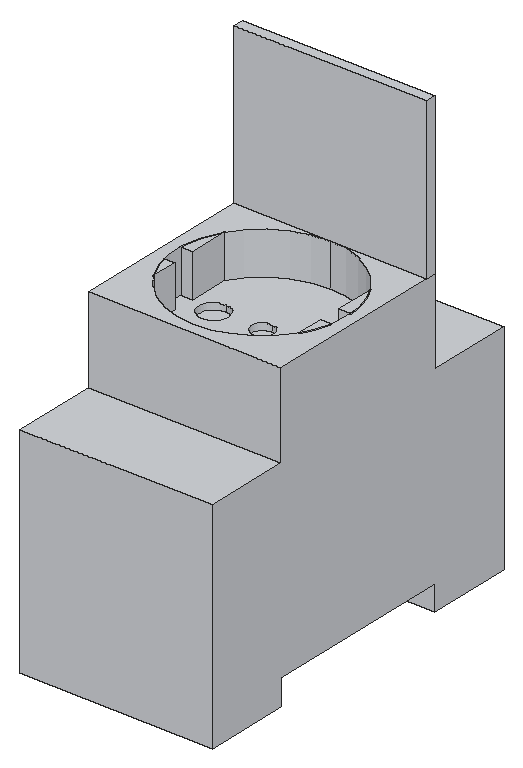
Revit family "Power-ModularDevices-GEWISS-90AM-SOCKET_OUTLET_DIN_DEU_LID", category Apparecchi elettrici, host Superficie, Revit 2016
Family settings
  Host = Superficie
  Mantenere orientamento annotazione = Sì
  Tipo di parte = Normale
  Quota connettore circolare = Usa diametro
  Numero OmniClass = 23.80.50.11
  Titolo OmniClass = Switches and Receptacles
  Taglio con vuoti quando caricato = No
  Condiviso = No
  Punto di calcolo locali = Sì
Parameters (values of type "GW96523 - DIN RAIL SOCKET GER.STD+CO.2P+E 16A 2,5M")
  Version file RFA = "18.0"
  URL = "https://www.gewiss.com/ww/en"
  Technical sheet = "https://www.gewiss.com/ww/en/search?q=GW96523"
  Standard = "German, with lid"
  SIMBOLO IN PIANTA [instance] = yes
  Realized by GEWISS S.p.A. = ""
  Rated voltage = "250Vac"
  Rated current (In) = "16 A"
  Default Elevation = 1219.2 mm
  Produttore = "GEWISS S.p.A."
  Number of poles = "2P+E"
  No. Chorus modules = "2,5"
  Modello = "GW96523"
  L_VERTICALE [instance] = 97.365 mm
  Installation = "DIN rail"
  Immagine tipo = GW96523.jpg
  IFC.TypeObject = ""
  IFC.ExportType = ""
  IFC.ExportAs = ""
  IDT = "c897d29f-2908-4da3-880b-ddc84cde08f7"
  IDF = "9b18cb3a-ec3c-40a3-b319-e01c6bb0f14c"
  Finitura = none
  Electrocod = "140                 "
  EAN code = "8011564441736"
  Descrizione = "DIN RAIL SOCKET GER.STD+CO.2P+E 16A 2,5M"
  DIST_BARRA DIN [instance] = 15 mm
  Catalogue Range = "90 AM"
  Catalogue = "POWER"
  COBie.Tagnumber = ""
  COBie.CreatedOn = ""
  COBie.CreatebBy = ""
  COBie.ComponentRegisterItemID = ""
  COBie.Component.TagNumber = ""
  COBie.Component.Space = ""
  COBie.Component.SerialNumber = ""
  COBie.Component.InstallationDate = ""
  COBie.Component.Description = ""
  COBie.Component.BarCode = ""
Reference planes
  plane 1 "Centro (Fronte/Retro)": y = 0
  plane 2: z = 0
  plane 3 "Centro (Sinistra/Destra)": x = 0
  plane 4: z = 15
  plane 5: through (0, 42.5, 60) normal (0, 0.9613, -0.2756)
  plane 6: through (0, -42.5, 60) normal (0, -0.9613, 0.2756)
Dimensions and locks
  "DIST_BARRA DIN": plane 4 to host face
  angle plane 5 to plane 1 "Centro (Fronte/Retro)" = 16.00°
  angle plane 1 "Centro (Fronte/Retro)" to plane 5 = 164.00°
  angle plane 6 to plane 4 = 106.00°
  aligned and locked: plane 2 to host face
  aligned and locked: level to host face
  aligned and locked: plane 3 "Centro (Sinistra/Destra)" to nested 1
  aligned and locked: plane 1 "Centro (Fronte/Retro)" to nested 1
Automatic sketch dimensions
  host sketch curve to host sketch curve = 2438.4 mm  (x2)
Nested families
  nested 1: "GENERICO  - 90AM PRESA GUIDA DIN STANDARD TED COPERCHIO" at (0, 0, 0), type "GENERICO  - 90AM PRESA GUIDA DIN STANDARD TED COPERCHIO"
  nested 2: "CIV" at (0, 66.988, 0), visible <- "SIMBOLO IN PIANTA", type "CIV"
Connectors
  electrical at (0, 42.5, 34.5)
    settings: on nested 1, index 1, voltage 230 V, apparent load 0 VA, apparent load phase1 0 VA, apparent load phase2 0 VA, apparent load phase3 0 VA, power factor 1, load classification "Altro", number of poles 1, system type 31, power factor state 1, is connector primary yes, connector utility no, sub classification motor no, connector description ""
Definition of nested family "GENERICO  - 90AM PRESA GUIDA DIN STANDARD TED COPERCHIO"
  Parameters (values of type "GENERICO  - 90AM PRESA GUIDA DIN STANDARD TED COPERCHIO")
    h_barra din = if(Altezza barre = 1 mm, 69.9 mm, if(Altezza barre = 2 mm, 115.8 mm, 0 mm))  # 0 mm
    Sportello = yes
    R = 20 mm  # constant formula
    H = if(AB_O = 1, AB_V, if(AB_O = 2, AB_H, 50.8 mm))  # 50.8 mm
    Finitura = none
    Dist barra din = 15 mm
    Contatto = none
    C1 = 45 mm
    C = 65 mm
    B = 85 mm  # constant formula
    Altezza barre = 5 mm  # constant formula
    AB_V = 3 mm  # constant formula
    AB_H = 5 mm  # constant formula
    AB_O = 0  # constant formula
    A = 45 mm  # constant formula
  Reference planes
    plane 1 "Centro (Fronte/Retro)": y = 0
    plane 2: z = 0
    plane 3 "Centro (Sinistra/Destra)": x = 0
    plane 4: y = -42.5
    plane 5: y = 42.5
    plane 6: z = 15
    plane 7: z = 9
    plane 8 "top": z = 80
    plane 9 "incasso": z = 60
    plane 10: y = -22.5
    plane 11: y = 22.5
    plane 12: x = -22.5
    plane 13: x = 22.5
    plane 14: through (4267.2, -42.5, 9) normal (0, -0.1901, 0.9818)
    plane 15 "foro": z = 70
    plane 16: x = -11.25
    plane 17: x = 11.25
    plane 18: through (-22.5, -42.5, 1200) normal (-0.7547, -0.6561, 0)
    plane 19: through (-22.5, -42.5, 1200) normal (0.8988, -0.4384, 0)
    plane 20: through (22.5, -42.5, 1200) normal (-0.9397, 0.342, 0)
    plane 21: y = 14.153
    plane 22: y = 25.5
    plane 23: y = 20
  Forms (mm)
    Extrusion 1, solid, material <- "Finitura"
      sketch origin (0, 0, 0) x (0, 1, 0) y (0, 0, 1)
        loop
          line (-22.5, 15) -> (22.5, 15) -> (22.5, 9) -> (42.5, 9) -> (42.5, 60) -> (22.5, 60) -> (22.5, 80) -> (-22.5, 80) -> (-22.5, 60) -> (-42.5, 60) -> (-42.5, 9) -> (-22.5, 9) -> (-22.5, 15)
      from -22.5 to 22.5
    Extrusion 2, void
      sketch origin (0, 0, 60) x (0, -1, 0) y (1, 0, 0)
        loop
          circle (0, 0) r 20
      from 10 to 20
    Extrusion 3, void
      sketch origin (0, 0, 60) x (0, -1, 0) y (1, 0, 0)
        loop
          circle (0, -11.25) r 3.434
        loop
          circle (0, 11.25) r 3.477
      from 8.474 to 10
    Extrusion 4, void
      sketch origin (0, -13.865, 70) x (0, -1, 0) y (1, 0, 0)
        loop
          circle (-14.153, 0) r 2.622
      from -1.526 to 0
    Extrusion 5, solid, material <- "Contatto"
      sketch origin (0, 0, 70) x (0, -1, 0) y (1, 0, 0)
        loop
          arc (-10.41, -17.077) -> (-5.906, -19.108) -> (-1.041, -19.973) r 20
          line (-1.041, -19.973) -> (-1.041, -17.077) -> (-10.41, -17.077)
        loop
          line (4.034, -17.077) -> (4.034, -19.589)
          arc (4.034, -19.589) -> (7.331, -18.608) -> (10.41, -17.077) r 20
          line (10.41, -17.077) -> (4.034, -17.077)
      from 0 to 10
    Extrusion 6, solid, material <- "Contatto"
      sketch origin (0, 0, 70) x (0, -1, 0) y (1, 0, 0)
        loop
          line (-10.41, 17.077) -> (-1.041, 17.077) -> (-1.041, 19.973)
          arc (-1.041, 19.973) -> (-5.906, 19.108) -> (-10.41, 17.077) r 20
        loop
          line (4.034, 17.077) -> (10.41, 17.077)
          arc (10.41, 17.077) -> (7.331, 18.608) -> (4.034, 19.589) r 20
          line (4.034, 19.589) -> (4.034, 17.077)
      from 0 to 10
    Extrusion 7, solid, visible <- "Sportello"
      sketch origin (0, 0, 0) x (0, 1, 0) y (0, 0, 1)
        loop
          line (20, 80) -> (22.5, 80) -> (22.5, 117.212) -> (20, 117.212) -> (20, 80)
      from -22.5 to 22.5
  Cuts and joins
    Extrusion 2, Extrusion 3, Extrusion 4 cuts Extrusion 1
  Lines and regions (mm)
    symbolic lines
      curve 1: line (0, 0, 29) -> (0, 0, 9)
      curve 2: line (0, -22.5, 15) -> (0, 22.5, 15)
    model lines, detail levels fine
      curve 3: line (-19.31, -20.181, 80) -> (-19.474, -20.165, 80)
      curve 4: line (-19.474, -20.165, 80) -> (-19.631, -20.118, 80)
      curve 5: line (-19.631, -20.118, 80) -> (-19.777, -20.04, 80)
      curve 6: line (-19.777, -20.04, 80) -> (-19.904, -19.935, 80)
      curve 7: line (-19.904, -19.935, 80) -> (-20.008, -19.808, 80)
      curve 8: line (-20.008, -19.808, 80) -> (-20.086, -19.663, 80)
      curve 9: line (-20.086, -19.663, 80) -> (-20.134, -19.505, 80)
      curve 10: line (-20.134, -19.505, 80) -> (-20.15, -19.341, 80)
      curve 11: line (-20.15, -19.341, 80) -> (-20.134, -19.178, 80)
      curve 12: line (-20.134, -19.178, 80) -> (-20.086, -19.02, 80)
      curve 13: line (-20.086, -19.02, 80) -> (-20.008, -18.875, 80)
      curve 14: line (-20.008, -18.875, 80) -> (-19.904, -18.747, 80)
      curve 15: line (-19.904, -18.747, 80) -> (-19.777, -18.643, 80)
      curve 16: line (-19.777, -18.643, 80) -> (-19.631, -18.565, 80)
      curve 17: line (-19.631, -18.565, 80) -> (-19.474, -18.518, 80)
      curve 18: line (-19.474, -18.518, 80) -> (-19.31, -18.501, 80)
      curve 19: line (-19.31, -18.501, 80) -> (-18.87, -18.501, 80)
      curve 20: line (-18.87, -18.501, 80) -> (-18.87, -18.981, 80)
      curve 21: line (-18.87, -18.981, 80) -> (-19.51, -18.981, 80)
      curve 22: line (-19.51, -18.981, 80) -> (-19.51, -19.701, 80)
      curve 23: line (-19.39, -19.701, 80) -> (-19.39, -19.101, 80)
      curve 24: line (-19.39, -19.101, 80) -> (-18.87, -19.101, 80)
      curve 25: line (-18.87, -19.101, 80) -> (-18.87, -20.181, 80)
      curve 26: line (-18.87, -20.181, 80) -> (-19.31, -20.181, 80)
      curve 27: line (-18.75, -20.181, 80) -> (-17.47, -20.181, 80)
      curve 28: line (-17.47, -20.181, 80) -> (-17.47, -19.701, 80)
      curve 29: line (-17.47, -19.701, 80) -> (-18.23, -19.701, 80)
      curve 30: line (-18.23, -19.581, 80) -> (-17.47, -19.581, 80)
      curve 31: line (-17.47, -19.581, 80) -> (-17.47, -19.101, 80)
      curve 32: line (-17.47, -19.101, 80) -> (-18.23, -19.101, 80)
      curve 33: line (-18.23, -18.981, 80) -> (-18.03, -18.981, 80)
      curve 34: line (-18.03, -18.981, 80) -> (-18.03, -18.501, 80)
      curve 35: line (-18.03, -18.501, 80) -> (-18.75, -18.501, 80)
      curve 36: line (-18.75, -18.501, 80) -> (-18.75, -20.181, 80)
      curve 37: line (-16.657, -20.181, 80) -> (-17.15, -20.181, 80)
      curve 38: line (-17.15, -20.181, 80) -> (-17.43, -18.981, 80)
      curve 39: line (-17.43, -18.981, 80) -> (-17.91, -18.981, 80)
      curve 40: line (-17.91, -18.981, 80) -> (-17.91, -18.501, 80)
      curve 41: line (-17.91, -18.501, 80) -> (-17.049, -18.501, 80)
      curve 42: line (-17.049, -18.501, 80) -> (-16.864, -19.297, 80)
      curve 43: line (-16.864, -19.297, 80) -> (-16.704, -18.501, 80)
      curve 44: line (-16.704, -18.501, 80) -> (-16.224, -18.501, 80)
      curve 45: line (-16.224, -18.501, 80) -> (-16.052, -19.242, 80)
      curve 46: line (-16.052, -19.242, 80) -> (-15.904, -18.501, 80)
      curve 47: line (-15.904, -18.501, 80) -> (-14.95, -18.501, 80)
      curve 48: line (-14.95, -18.501, 80) -> (-14.95, -18.981, 80)
      curve 49: line (-14.95, -18.981, 80) -> (-15.51, -18.981, 80)
      curve 50: line (-15.51, -18.981, 80) -> (-15.75, -20.181, 80)
      curve 51: line (-15.75, -20.181, 80) -> (-16.24, -20.181, 80)
      curve 52: line (-16.24, -20.181, 80) -> (-16.464, -19.218, 80)
      curve 53: line (-16.464, -19.218, 80) -> (-16.657, -20.181, 80)
      curve 54: line (-14.95, -19.101, 80) -> (-15.43, -19.101, 80)
      curve 55: line (-15.43, -19.101, 80) -> (-15.43, -20.181, 80)
      curve 56: line (-15.43, -20.181, 80) -> (-14.95, -20.181, 80)
      curve 57: line (-14.95, -20.181, 80) -> (-14.95, -19.101, 80)
      curve 58: line (-14.83, -20.181, 80) -> (-13.55, -20.181, 80)
      curve 59: line (-13.55, -20.181, 80) -> (-13.55, -19.101, 80)
      curve 60: line (-13.55, -19.101, 80) -> (-14.31, -19.101, 80)
      curve 61: line (-14.31, -18.981, 80) -> (-13.55, -18.981, 80)
      curve 62: line (-13.55, -18.981, 80) -> (-13.55, -18.501, 80)
      curve 63: line (-13.55, -18.501, 80) -> (-14.83, -18.501, 80)
      curve 64: line (-14.83, -18.501, 80) -> (-14.83, -19.581, 80)
      curve 65: line (-14.83, -19.581, 80) -> (-14.07, -19.581, 80)
      curve 66: line (-14.07, -19.701, 80) -> (-14.83, -19.701, 80)
      curve 67: line (-14.83, -19.701, 80) -> (-14.83, -20.181, 80)
      curve 68: line (-12.99, -20.181, 80) -> (-12.826, -20.165, 80)
      curve 69: line (-12.826, -20.165, 80) -> (-12.669, -20.118, 80)
      curve 70: line (-12.669, -20.118, 80) -> (-12.523, -20.04, 80)
      curve 71: line (-12.523, -20.04, 80) -> (-12.396, -19.935, 80)
      curve 72: line (-12.396, -19.935, 80) -> (-12.292, -19.808, 80)
      curve 73: line (-12.292, -19.808, 80) -> (-12.214, -19.663, 80)
      curve 74: line (-12.214, -19.663, 80) -> (-12.166, -19.505, 80)
      curve 75: line (-12.166, -19.505, 80) -> (-12.15, -19.341, 80)
      curve 76: line (-12.185, -19.101, 80) -> (-12.91, -19.101, 80)
      curve 77: line (-12.91, -18.981, 80) -> (-12.231, -18.981, 80)
      curve 78: line (-12.231, -18.981, 80) -> (-12.331, -18.821, 80)
      curve 79: line (-12.331, -18.821, 80) -> (-12.464, -18.687, 80)
      curve 80: line (-12.464, -18.687, 80) -> (-12.624, -18.586, 80)
      curve 81: line (-12.624, -18.586, 80) -> (-12.802, -18.523, 80)
      curve 82: line (-12.802, -18.523, 80) -> (-12.99, -18.501, 80)
      curve 83: line (-12.99, -18.501, 80) -> (-13.43, -18.501, 80)
      curve 84: line (-13.43, -18.501, 80) -> (-13.43, -19.581, 80)
      curve 85: line (-13.43, -19.581, 80) -> (-12.79, -19.581, 80)
      curve 86: line (-12.79, -19.701, 80) -> (-13.43, -19.701, 80)
      curve 87: line (-13.43, -19.701, 80) -> (-13.43, -20.181, 80)
      curve 88: line (-13.43, -20.181, 80) -> (-12.99, -20.181, 80)
      curve 89: line (2.023, 35.453, 60) -> (-0.077, 35.453, 60)
      curve 90: line (-0.077, 35.453, 60) -> (-2.177, 35.453, 60)
      curve 91: line (1.373, 34.153, 60) -> (-0.077, 34.153, 60)
      curve 92: line (-0.077, 34.153, 60) -> (-1.527, 34.153, 60)
      curve 93: line (2.673, 36.753, 60) -> (-0.077, 36.753, 60)
      curve 94: line (-0.077, 36.753, 60) -> (-2.827, 36.753, 60)
      curve 95: line (-0.089, 37.403, 60) -> (-0.089, 39.603, 60)
      curve 96: line (-0.077, 33.156, 60) -> (1.721, 33.638, 60)
      curve 97: line (1.721, 33.638, 60) -> (3.038, 34.955, 60)
      curve 98: line (3.038, 34.955, 60) -> (3.52, 36.753, 60)
      curve 99: line (3.52, 36.753, 60) -> (3.038, 38.551, 60)
      curve 100: line (3.038, 38.551, 60) -> (1.721, 39.868, 60)
      curve 101: line (1.721, 39.868, 60) -> (-0.077, 40.349, 60)
      curve 102: line (-0.077, 40.349, 60) -> (-1.875, 39.868, 60)
      curve 103: line (-1.875, 39.868, 60) -> (-3.192, 38.551, 60)
      curve 104: line (-3.192, 38.551, 60) -> (-3.673, 36.753, 60)
      curve 105: line (-3.673, 36.753, 60) -> (-3.192, 34.955, 60)
      curve 106: line (-3.192, 34.955, 60) -> (-1.875, 33.638, 60)
      curve 107: line (-1.875, 33.638, 60) -> (-0.077, 33.156, 60)
    model lines, detail levels medium+fine
      curve 108: circle (-0.111, 28.342, 60) r 3.325 normal (0, 0, 1)
      curve 109: circle (-10.736, -29.756, 60) r 3.325 normal (0, 0, 1)
      curve 110: circle (10.736, -29.756, 60) r 3.325 normal (0, 0, -1)
  Text (mm)
    text "AB_V" at (0, 50.868, 44.72), in view "Destra"
    text "AB_O" at (0, -80.659, 111.963), in view "Destra"
    text "AB_0" at (-72.795, 64.852, 0), in view "Livello rif."
    text "AB_V" at (36.811, 11.393, 0), in view "Livello rif."
  Dimensions and locks
    equal spacing: plane 4, plane 1 "Centro (Fronte/Retro)", plane 5
    "B": plane 4 to plane 5
    "Dist barra din": plane 6 to level
    locked: plane 6 to plane 7 at 6
    "C": plane 8 "top" to plane 6
    equal spacing: plane 10, plane 1 "Centro (Fronte/Retro)", plane 11
    plane 10 to plane 11 = 45 mm
    equal spacing: plane 12, plane 3 "Centro (Sinistra/Destra)", plane 13
    "A": plane 12 to plane 13
    locked: plane 15 "foro" to plane 9 "incasso" at 10
    locked: plane 11 to plane 22 at 3
    "C1": plane 9 "incasso" to plane 6
    "R": radius of Extrusion 2 sketch curve
    angle level to plane 14 = 10.9557°
    angle plane 4 to plane 8 "top" = 90.00°
    angle plane 20 to plane 18 = 61.00°
    angle plane 20 to plane 19 = 174.00°
    angle plane 19 to plane 4 = 116.00°
    aligned and locked: level to plane 2
    aligned and locked: Extrusion 1 sketch curve to plane 6
    aligned and locked: Extrusion 1 sketch curve to plane 7
    aligned and locked: Extrusion 1 sketch curve to plane 4
    aligned and locked: Extrusion 1 sketch curve to plane 9 "incasso"
    aligned and locked: Extrusion 1 sketch curve to plane 8 "top"
    aligned and locked: Extrusion 1 sketch curve to plane 11  (x2)
    aligned and locked: Extrusion 1 sketch curve to plane 5
    aligned and locked: Extrusion 1 sketch curve to plane 10  (x2)
    aligned and locked: plane 1 "Centro (Fronte/Retro)" to curve 1
    aligned and locked: Extrusion 1 to plane 6
    aligned and locked: Extrusion 1 to plane 12
    aligned and locked: plane 13 to Extrusion 1
    aligned and locked: plane 9 "incasso" to Extrusion 1
    aligned and locked: curve 2 to plane 6
    aligned and locked: plane 3 "Centro (Sinistra/Destra)" to Extrusion 2 sketch curve
    aligned and locked: plane 1 "Centro (Fronte/Retro)" to Extrusion 2 sketch curve
    aligned and locked: Extrusion 2 to plane 15 "foro"
    aligned and locked: plane 8 "top" to Extrusion 2
    aligned and locked: Extrusion 3 to Extrusion 2
    aligned and locked: Extrusion 4 to Extrusion 2
    aligned and locked: plane 8 "top" to Extrusion 5
    aligned and locked: Extrusion 7 to plane 12
    aligned and locked: plane 13 to Extrusion 7
    aligned and locked: plane 23 to Extrusion 7 sketch curve
    aligned and locked: plane 11 to Extrusion 7 sketch curve
    aligned and locked: Extrusion 7 sketch curve to plane 8 "top"
  Automatic sketch dimensions
    curve 2 to plane 10 = 0 mm
    curve 2 to plane 11 = 0 mm
    curve 1 to plane 7 = 0 mm
    plane 6 to curve 1 = 14 mm
    Extrusion 1 sketch curve to plane 7 = 0 mm
    Extrusion 1 sketch curve to plane 9 "incasso" = 0 mm
    curve 101 to plane 3 "Centro (Sinistra/Destra)" = 0.077 mm
    curve 101 to plane 5 = 2.151 mm
    curve 101 to curve 103 = 0.482 mm
    curve 101 to curve 101 = 0.482 mm
    curve 102 to curve 103 = 1.316 mm
    curve 100 to curve 100 = 1.316 mm
    curve 104 to curve 94 = 0 mm
    curve 89 to plane 3 "Centro (Sinistra/Destra)" = 0.077 mm
    plane 3 "Centro (Sinistra/Destra)" to curve 97 = 3.038 mm
    curve 106 to plane 3 "Centro (Sinistra/Destra)" = 3.192 mm
    curve 90 to curve 106 = 0.498 mm
    plane 3 "Centro (Sinistra/Destra)" to curve 96 = 1.721 mm
    curve 106 to plane 3 "Centro (Sinistra/Destra)" = 1.875 mm
    curve 92 to curve 106 = 0.515 mm
    curve 96 to plane 3 "Centro (Sinistra/Destra)" = 0.077 mm
    curve 91 to curve 96 = 0.997 mm
    curve 108 to plane 3 "Centro (Sinistra/Destra)" = 0.111 mm
    curve 96 to curve 108 = 4.814 mm
    curve 110 to plane 17 = 0.514 mm
    curve 110 to plane 10 = 7.256 mm
    curve 109 to plane 16 = 0.514 mm
    curve 109 to plane 10 = 7.256 mm
    curve 104 to curve 105 = 0.482 mm
    curve 104 to curve 103 = 0.482 mm
    curve 103 to curve 101 = 1.798 mm
    curve 95 to plane 3 "Centro (Sinistra/Destra)" = 0.089 mm
    curve 94 to plane 3 "Centro (Sinistra/Destra)" = 0.077 mm
    curve 92 to plane 3 "Centro (Sinistra/Destra)" = 0.077 mm
    curve 91 to curve 96 = 0.348 mm
    plane 1 "Centro (Fronte/Retro)" to Extrusion 3 sketch curve = 0 mm  (x2)
    plane 16 to Extrusion 3 sketch curve = 0 mm
    Extrusion 3 sketch curve to plane 17 = 0 mm
    Extrusion 4 sketch curve to plane 3 "Centro (Sinistra/Destra)" = 0 mm
    Extrusion 4 sketch curve to plane 1 "Centro (Fronte/Retro)" = 0.288 mm
    Extrusion 5 sketch curve to Extrusion 5 sketch curve = 0 mm  (x3)
    plane 1 "Centro (Fronte/Retro)" to Extrusion 5 sketch curve = 0 mm
    Extrusion 5 sketch curve to plane 3 "Centro (Sinistra/Destra)" = 0 mm
    Extrusion 5 sketch curve to plane 1 "Centro (Fronte/Retro)" = 1.041 mm
    plane 21 to Extrusion 5 sketch curve = 3.743 mm
    plane 1 "Centro (Fronte/Retro)" to Extrusion 5 sketch curve = 4.034 mm
    Extrusion 5 sketch curve to Extrusion 5 sketch curve = 6.376 mm
    plane 12 to Extrusion 5 sketch curve = 5.423 mm
    Extrusion 6 sketch curve to Extrusion 6 sketch curve = 0 mm  (x3)
    plane 1 "Centro (Fronte/Retro)" to Extrusion 6 sketch curve = 0 mm
    Extrusion 6 sketch curve to plane 3 "Centro (Sinistra/Destra)" = 0 mm
    plane 1 "Centro (Fronte/Retro)" to Extrusion 6 sketch curve = 1.041 mm
    Extrusion 6 sketch curve to plane 21 = 3.743 mm
    Extrusion 6 sketch curve to plane 1 "Centro (Fronte/Retro)" = 4.034 mm
    Extrusion 6 sketch curve to Extrusion 6 sketch curve = 6.376 mm
    plane 13 to Extrusion 6 sketch curve = 5.423 mm
    plane 8 "top" to Extrusion 7 sketch curve = 37.212 mm
    Extrusion 1 to curve 3 = 3.19 mm
    curve 3 to Extrusion 1 = 2.319 mm
    curve 67 to curve 87 = 0 mm
    curve 57 to curve 58 = 0 mm
    curve 53 to curve 55 = 0 mm
    curve 53 to curve 52 = 0 mm
    curve 3 to curve 36 = 0 mm
    curve 28 to curve 37 = 0 mm
    Extrusion 1 to curve 3 = 3.026 mm
    curve 3 to curve 3 = 0.016 mm
    curve 68 to curve 69 = 0.016 mm
    curve 69 to curve 69 = 0.048 mm
    Extrusion 1 to curve 5 = 2.869 mm
    curve 3 to curve 5 = 0.048 mm
    Extrusion 1 to curve 6 = 2.723 mm
    curve 4 to curve 6 = 0.078 mm
    curve 69 to curve 71 = 0.078 mm
    Extrusion 1 to curve 7 = 2.596 mm
    curve 5 to curve 7 = 0.104 mm
    curve 70 to curve 71 = 0.104 mm
    curve 71 to curve 73 = 0.127 mm
    curve 6 to curve 7 = 0.127 mm
    Extrusion 1 to curve 8 = 2.492 mm
    curve 58 to curve 66 = 0.48 mm
    curve 3 to curve 23 = 0.464 mm
    curve 27 to curve 28 = 0.48 mm
    curve 87 to curve 87 = 0.48 mm
    curve 22 to curve 23 = 0 mm
    curve 72 to curve 74 = 0.145 mm
    Extrusion 1 to curve 8 = 2.414 mm
    curve 7 to curve 8 = 0.145 mm
    curve 86 to curve 85 = 0.12 mm
    curve 66 to curve 65 = 0.12 mm
    curve 28 to curve 30 = 0.12 mm
    curve 73 to curve 74 = 0.158 mm
    Extrusion 1 to curve 9 = 2.366 mm
    curve 8 to curve 9 = 0.158 mm
    Extrusion 1 to curve 10 = 2.35 mm
    curve 9 to curve 10 = 0.164 mm
    curve 74 to curve 75 = 0.164 mm
    curve 30 to curve 43 = 0.284 mm
    curve 42 to curve 46 = 0.055 mm
    curve 42 to curve 53 = 0.079 mm
    Extrusion 1 to curve 11 = 2.366 mm
    curve 10 to curve 11 = 0.164 mm
    curve 23 to curve 23 = 0.6 mm
    curve 30 to curve 31 = 0.48 mm
    curve 75 to curve 76 = 0.24 mm
    curve 65 to curve 60 = 0.48 mm
    curve 45 to curve 54 = 0.14 mm
    curve 11 to curve 12 = 0.158 mm
    Extrusion 1 to curve 13 = 2.414 mm
    curve 76 to curve 77 = 0.12 mm
    curve 32 to curve 39 = 0.12 mm
    curve 33 to curve 39 = 0 mm
    curve 54 to curve 50 = 0.12 mm
    curve 60 to curve 61 = 0.12 mm
    curve 23 to curve 21 = 0.12 mm
    Extrusion 1 to curve 14 = 2.492 mm
    curve 12 to curve 14 = 0.145 mm
    curve 77 to curve 79 = 0.161 mm
    curve 13 to curve 15 = 0.127 mm
    Extrusion 1 to curve 14 = 2.596 mm
    curve 78 to curve 79 = 0.134 mm
    Extrusion 1 to curve 15 = 2.723 mm
    curve 14 to curve 15 = 0.104 mm
    curve 79 to curve 80 = 0.101 mm
    Extrusion 1 to curve 17 = 2.869 mm
    curve 15 to curve 17 = 0.078 mm
    curve 80 to curve 82 = 0.063 mm
    curve 16 to curve 17 = 0.048 mm
    Extrusion 1 to curve 18 = 3.026 mm
    curve 48 to curve 64 = 0.48 mm
    curve 39 to curve 40 = 0.48 mm
    curve 41 to curve 43 = 0 mm
    curve 20 to curve 36 = 0.48 mm
    curve 47 to curve 63 = 0 mm
    curve 81 to curve 82 = 0.021 mm
    curve 20 to curve 35 = 0 mm
    curve 21 to curve 18 = 0.44 mm
    curve 24 to curve 20 = 0 mm
    curve 35 to curve 19 = 0.12 mm
    curve 32 to curve 24 = 0.64 mm
    curve 33 to curve 32 = 0 mm
    curve 29 to curve 32 = 0 mm
    curve 30 to curve 29 = 0 mm
    curve 34 to curve 33 = 0.2 mm
    curve 40 to curve 33 = 0.12 mm
    curve 29 to curve 29 = 0.76 mm
    curve 31 to curve 28 = 0 mm
    curve 39 to curve 31 = 0.04 mm
    curve 37 to curve 27 = 0.32 mm
    curve 42 to curve 38 = 0.381 mm
    curve 43 to curve 31 = 0.607 mm
    curve 44 to curve 41 = 0.345 mm
    curve 37 to curve 37 = 0.493 mm
    curve 52 to curve 42 = 0.399 mm
    curve 51 to curve 37 = 0.418 mm
    curve 45 to curve 43 = 0.48 mm
    curve 45 to curve 52 = 0.413 mm
    curve 47 to curve 44 = 0.321 mm
    curve 50 to curve 51 = 0.49 mm
    curve 49 to curve 45 = 0.542 mm
    curve 54 to curve 49 = 0.08 mm
    curve 49 to curve 54 = 0.48 mm
    curve 54 to curve 49 = 0 mm
    curve 58 to curve 56 = 0.12 mm
    curve 64 to curve 47 = 0.12 mm
    curve 60 to curve 54 = 0.64 mm
    curve 61 to curve 60 = 0 mm
    curve 65 to curve 60 = 0.24 mm
    curve 66 to curve 65 = 0 mm
    curve 63 to curve 61 = 0.76 mm
    curve 60 to curve 61 = 0 mm
    curve 83 to curve 62 = 0.12 mm
    curve 85 to curve 86 = 0 mm
    curve 83 to curve 83 = 0.44 mm
    curve 68 to curve 87 = 0.44 mm
    curve 76 to curve 82 = 0.08 mm
    curve 77 to curve 76 = 0 mm
    curve 68 to curve 68 = 0.164 mm
    curve 82 to curve 82 = 0.188 mm
    curve 85 to curve 76 = 0.12 mm
    curve 86 to curve 85 = 0 mm
    curve 69 to curve 69 = 0.158 mm
    curve 81 to curve 82 = 0.178 mm
    curve 70 to curve 69 = 0.145 mm
    curve 80 to curve 80 = 0.16 mm
    curve 71 to curve 70 = 0.127 mm
    curve 78 to curve 79 = 0.133 mm
    curve 72 to curve 71 = 0.104 mm
    curve 78 to curve 79 = 0.1 mm
    curve 73 to curve 72 = 0.078 mm
    curve 76 to curve 77 = 0.046 mm
    curve 74 to curve 73 = 0.048 mm
    curve 75 to curve 74 = 0.016 mm
    curve 24 to curve 24 = 0.52 mm
    curve 23 to curve 3 = 0.084 mm
    curve 23 to curve 22 = 0.12 mm
    curve 93 to curve 90 = 1.3 mm
    curve 89 to curve 97 = 0.498 mm
    curve 89 to curve 91 = 1.3 mm
    curve 91 to curve 96 = 0.515 mm
    curve 106 to curve 92 = 0.348 mm
    curve 105 to curve 90 = 1.015 mm
    curve 89 to curve 97 = 1.015 mm
    curve 93 to curve 99 = 0 mm
    curve 89 to curve 93 = 0.65 mm
    curve 93 to curve 99 = 0.365 mm
    curve 93 to curve 98 = 0.847 mm
    curve 103 to curve 105 = 1.798 mm
    curve 104 to curve 94 = 0.847 mm
    curve 95 to curve 93 = 0.65 mm
    plane 3 "Centro (Sinistra/Destra)" to curve 100 = 1.721 mm
    curve 101 to curve 95 = 0.747 mm
    radius of curve 108 = 3.325 mm
    radius of curve 109 = 3.325 mm
    radius of curve 110 = 3.325 mm
    radius of Extrusion 3 sketch curve = 3.434 mm
    radius of Extrusion 3 sketch curve = 3.477 mm
    radius of Extrusion 4 sketch curve = 2.622 mm
Definition of nested family "CIV"
  Reference planes
    plane 1: y = 0
    plane 2: x = 0
  Lines and regions (mm)
    detail lines
      curve 1: line (0.827, 3.664, 0) -> (0.579, 3.664, 0)
      curve 2: line (0.579, 3.664, 0) -> (0.538, 3.457, 0)
      curve 3: line (0.538, 3.457, 0) -> (0.455, 3.291, 0)
      curve 4: line (0.455, 3.291, 0) -> (0.248, 3.126, 0)
      curve 5: line (0.248, 3.126, 0) -> (0, 3.085, 0)
      curve 6: line (0, 3.085, 0) -> (-0.248, 3.126, 0)
      curve 7: line (-0.248, 3.126, 0) -> (-0.455, 3.291, 0)
      curve 8: line (-0.455, 3.291, 0) -> (-0.537, 3.457, 0)
      curve 9: line (-0.537, 3.457, 0) -> (-0.579, 3.664, 0)
      curve 10: line (-0.579, 3.664, 0) -> (-0.827, 3.664, 0)
      curve 11: line (0, 2.15, 0) -> (0, 3.085, 0)
